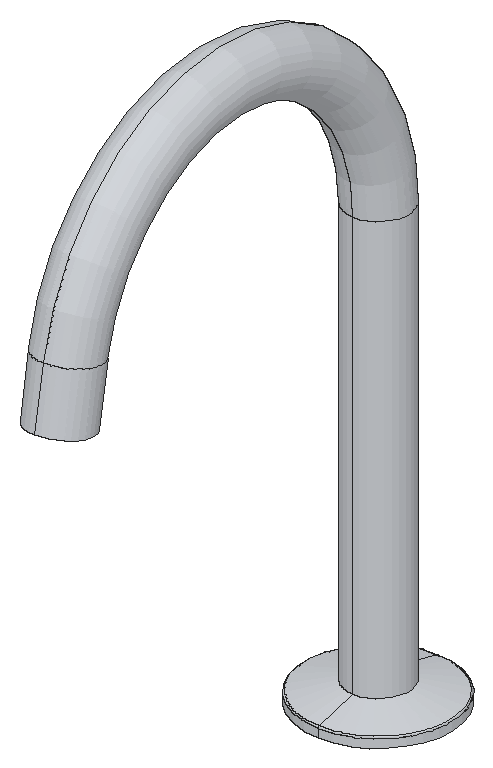
Revit family "Faucet-Lavatory-KOHLER-Components-K-77967", category Plumbing Fixtures, host Face, Revit 2015
Parameters (values of type "CP-Polished Chrome")
  Width = 2 3/8"  # constant formula
  Waste Water Outlet = "Waste Water Outlet"  # constant formula
  Waste Connection = no
  Vent Connection = no
  URL = "https://www.us.kohler.com/us/"
  Type = 1
  Spout Reach = 6 5/16"  # constant formula
  Product Page URL = "http://www.us.kohler.com/us/catalog/productDetails.jsp?productNumber=77967"
  Product Name = "Components"  # constant formula
  Product Documentation Link = "http://www.us.kohler.com/onlinecatalog/pdf/K-77967_spec.pdf"
  Pressure = 60.00 psi  # constant formula
  Model = if(Type = 1, "K-77967-CP", if(Type = 2, "K-77967-BL", "NA"))  # "K-77967-CP"
  Material = "Premium Metal Construction"  # constant formula
  MasterFormat 2004 = "22.41.39"  # constant formula
  MasterFormat 1995 = "15410"  # constant formula
  Manufacturer Address = "444 Highland Dr, Kohler, WI 53044"  # constant formula
  Manufacturer = "KOHLER Co."  # constant formula
  Length = Spout Reach  # 6 5/16"
  Hot Water Inlet = "Hot Water Inlet"  # constant formula
  Height = 10 11/16"  # constant formula
  Handle Clearance = 0"
  HW Connection = no
  Flow Rate = 1.2 GPM  # constant formula
  Finish = Kohler-Metal-CP-Polished_Chrome
  Faucet Hole Spacing = 0"
  Environmental Product Declaration = ""
  Drain Included = 1 = 1  # yes
  Description = "Widespread Bathroom Sink Spout"  # constant formula
  Default Elevation = 36"
  Declare Label = ""
  Date Modified = "08/23/2018"  # constant formula
  Date Created = "07/05/2018"  # constant formula
  Copyright = "Copyright KOHLER Co."  # constant formula
  Contact Us = "https://www.us.kohler.com/us/static/contact.jsp"
  Cold Water Inlet = "Cold Water Inlet"  # constant formula
  CW Connection = no
  Assembly Code = "D2010"
  ADA Compliant = 1 = 0  # no
Types (3): name | Type | Model | Finish
  (no name) | 1 | "K-77967-CP" | Kohler-Metal-CP-Polished_Chrome
  CP-Polished Chrome | 1 | "K-77967-CP" | Kohler-Metal-CP-Polished_Chrome
  BL-Matte_Black | 2 | "K-77967-BL" | Kohler-Metal-BL-Matte_Black
Reference planes (in)
  plane 1 "Center (Front/Back)": y = 0
  plane 2: z = 0
  plane 3 "Center (Left/Right)": x = 0
  plane 4: x = -1.1875
  plane 5: x = 1.1875
  plane 6: y = -6.3125
  plane 7: z = 10.6875
Dimensions and locks (in)
  equal spacing: plane 4, plane 3 "Center (Left/Right)", plane 5
  "Width": plane 4 to plane 5
  "Length": plane 6 to plane 1 "Center (Front/Back)"  (x2)
  "Height": plane 7 to plane 2
  aligned and locked: plane 2 to host face
  aligned and locked: level to host face
Automatic sketch dimensions
  host sketch curve to host sketch curve = 96"  (x2)
Nested families (in)
  nested 1: "K-77967" at (0, 0, 0), type "K-77967"
Definition of nested family "K-77967"
  Parameters (values of type "K-77967")
    Material = none
  Reference planes (in)
    plane 1 "Center (Front/Back)": y = 0
    plane 2: z = 0
    plane 3 "Center (Left/Right)": x = 0
    plane 4: z = 10.6875
    plane 5: x = -1.1875
    plane 6: x = 1.1875
    plane 7: y = -6.3125
  Forms (in)
    Sweep 1, solid, material <- "Material"
      path origin (0, 0, 0) x (0, 1, 0) y (0, 0, 1)
        loop
          line (0, 0.32403) -> (0, 7.09913)
          arc (0, 7.09913) -> (-2.82633, 10.18353) -> (-6.14532, 7.63678) r 3.09618
          line (-6.14532, 7.63678) -> (-6.3127, 6.68754)
      profile origin (0, 0, 0.32403) x (0, -1, 0) y (1, 0, 0)
        loop
          circle (0, 0) r 0.492
    Revolve 2, solid, material <- "Material", detail levels medium+fine
      sketch origin (0, 0, 0) x (0, 1, 0) y (0, 0, 1)
        loop
          line (0, 0) -> (1.18111, 0) -> (1.18111, 0.13926)
          arc (1.18111, 0.13926) -> (1.17614, 0.15359) -> (1.16338, 0.16177) r 0.02316
          line (1.16338, 0.16177) -> (0.4907, 0.32403) -> (0, 0.32403) -> (0, 0)
        axis (0, 0.32403) -> (0, 0)
      angle from 0 to 360
    Extrusion 3, solid, material <- "Material", detail levels coarse
      sketch origin (0, 0, 0) x (1, 0, 0) y (0, 1, 0)
        loop
          circle (0, 0) r 1.1811
      from 0 to 0.32403
  Lines and regions (in)
    Masking region 1
      outline origin (0, 0, 0) x (0, 1, 0) y (0, 0, 1)
        loop
          line (1.18111, 0) -> (1.18111, 0.13933)
          arc (1.18111, 0.13933) -> (1.17617, 0.1536) -> (1.16346, 0.16175) r 0.02306
          line (1.16346, 0.16175) -> (0.49201, 0.32403) -> (0.49201, 7.09913)
          arc (0.49201, 7.09913) -> (-2.78345, 10.67366) -> (-6.62985, 7.72222) r 3.58819
          line (-6.62985, 7.72222) -> (-6.79723, 6.77297) -> (-5.82817, 6.6021) -> (-5.66079, 7.55135)
          arc (-5.66079, 7.55135) -> (-2.86921, 9.6934) -> (-0.49201, 7.09913) r 2.60418
          line (-0.49201, 7.09913) -> (-0.49201, 0.32403) -> (-1.16346, 0.16175)
          arc (-1.16346, 0.16175) -> (-1.17617, 0.1536) -> (-1.18111, 0.13933) r 0.02306
          line (-1.18111, 0.13933) -> (-1.18111, 0) -> (1.18111, 0)
    Masking region 2
      outline origin (0, 0, 0) x (1, 0, 0) y (0, 0, 1)
        loop
          line (-1.1875, 0) -> (1.1875, 0) -> (1.1875, 0.13933)
          arc (1.1875, 0.13933) -> (1.18256, 0.1536) -> (1.16986, 0.16175) r 0.02306
          line (1.16986, 0.16175) -> (0.49201, 0.32558) -> (0.49201, 10.19549)
          arc (0.49201, 10.19549) -> (0, 10.6875) -> (-0.49201, 10.19549) r 0.49201
          line (-0.49201, 10.19549) -> (-0.49201, 0.32558) -> (-1.16986, 0.16175)
          arc (-1.16986, 0.16175) -> (-1.18256, 0.1536) -> (-1.1875, 0.13933) r 0.02306
          line (-1.1875, 0.13933) -> (-1.1875, 0)
    Masking region 3
      outline origin (0, 0, 0) x (1, 0, 0) y (0, 1, 0)
        loop
          arc (0.492, -1.07374) -> (0, 1.19454) -> (-0.492, -1.07374) r 1.1875
          line (-0.492, -1.07374) -> (-0.492, -6.31248)
          spline (-0.492, -6.31248) -> (-0.47524, -6.43789) -> (-0.42609, -6.55475) -> (-0.3479, -6.6551) -> (-0.246, -6.7321) -> (-0.12734, -6.7805) -> (0, -6.79701) -> (0.12734, -6.7805) -> (0.246, -6.7321) -> (0.3479, -6.6551) -> (0.42609, -6.55475) -> (0.47524, -6.43789) -> (0.492, -6.31248)
          line (0.492, -6.31248) -> (0.492, -1.07374)
    symbolic lines, detail levels medium+fine
      curve 1: spline (0, 0.49201, 0.32403) -> (0, 0.47524, 0.32368) -> (0, 0.42609, 0.32336) -> (0, 0.3479, 0.32308) -> (0, 0.246, 0.32286) -> (0, 0.12734, 0.32273) -> (0, 0, 0.32268) -> (0, -0.12734, 0.32273) -> (0, -0.246, 0.32286) -> (0, -0.3479, 0.32308) -> (0, -0.42609, 0.32336) -> (0, -0.47524, 0.32368) -> (0, -0.49201, 0.32403)
      curve 2: line (-0.492, 0, 0.32268) -> (0.49201, 0, 0.32403)
      curve 3: arc (-0.492, 0, 0) -> (0, 0.492, 0) -> (0.492, 0, 0) r 0.492
      curve 4: line (-0.492, -1.07374, 0) -> (-0.492, 0, 0)
      curve 5: line (0.492, -1.07374, 0) -> (0.492, 0, 0)
      curve 6: spline (-0.492, 0, 6.68754) -> (-0.47524, 0, 6.66542) -> (-0.42609, 0, 6.64482) -> (-0.3479, 0, 6.62712) -> (-0.246, 0, 6.61355) -> (-0.12734, 0, 6.60501) -> (0, 0, 6.6021) -> (0.12734, 0, 6.60501) -> (0.246, 0, 6.61355) -> (0.3479, 0, 6.62712) -> (0.42609, 0, 6.64482) -> (0.47524, 0, 6.66542) -> (0.492, 0, 6.68754) -> (0.47524, 0, 6.70965) -> (0.42609, 0, 6.73025) -> (0.3479, 0, 6.74795) -> (0.246, 0, 6.76153) -> (0.12734, 0, 6.77006) -> (0, 0, 6.77297) -> (-0.12734, 0, 6.77006) -> (-0.246, 0, 6.76153) -> (-0.3479, 0, 6.74795) -> (-0.42609, 0, 6.73025) -> (-0.47524, 0, 6.70965) -> (-0.492, 0, 6.68754)
      curve 7: line (0, 1.18111, 0.13933) -> (0, -1.18111, 0.13933)
      curve 8: line (-1.1875, 0, 0.13933) -> (1.1875, 0, 0.13933)
  Dimensions and locks (in)
    plane 1 "Center (Front/Back)" to plane 7 = 6 5/16"
    plane 4 to plane 2 = 10 11/16"
    aligned and locked: plane 2 to level
